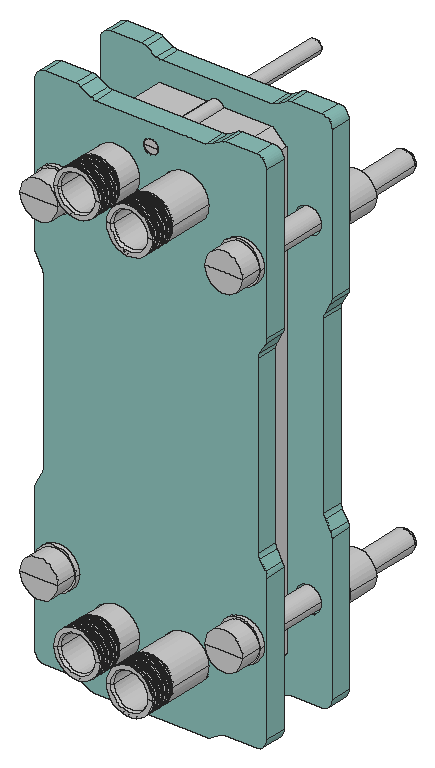
Revit family "Ekin_Endüstriyel - MIT503", category Specialty Equipment, Revit 2022
Family settings
  Round Connector Dimension = Use Diameter
  Part Type = Normal
  Work Plane-Based = No
  Always vertical = No
  Cut with Voids When Loaded = No
  Maintain Annotation Orientation = No
  Shared = No
  Room Calculation Point = No
Parameters (values of type "E12340000DD25L")
  URL = "https://en.ekinendustriyel.com/plate-heat-exchanger"
  Type Comments = "10 bar"
  Model = "E12340000DD25L"
  Material = Galvanized Steel- S235JR
  Manufacturer = "Ekin Endüstriyel"
  Keynote = "Threaded Connection"
  Description = "MIT - Heat Exchanger - 10 bar"
  Default Elevation = 0 mm
Reference planes
  plane 1 "Center (Front/Back)": y = 0
  plane 2: z = 0
  plane 3 "Center (Left/Right)": x = 0
  plane 4 "1": z = 318
  plane 5 "2": z = 73
Forms (mm)
  Extrusion 1, solid, material "Galvanized Steel - S235JR", detail levels coarse
    sketch origin (0, 0, 0) x (1, 0, 0) y (0, 0, 1)
      loop
        line (-83.75, 390) -> (-83.75, 0) -> (83.75, 0) -> (83.75, 390) -> (-83.75, 390)
    from 0 to -15
  Extrusion 2, solid, material "Galvanized Steel - S235JR", detail levels coarse
    sketch origin (0, 0, 0) x (1, 0, 0) y (0, 0, 1)
      loop
        line (-83.75, 390) -> (-83.75, 0) -> (83.75, 0) -> (83.75, 390) -> (-83.75, 390)
    from -59.05 to -74.05
  Extrusion 3, solid, material "Galvanized Steel- S235JR", detail levels coarse
    sketch origin (0, 0, 0) x (1, 0, 0) y (0, 0, 1)
      loop
        line (-83.75, 390) -> (-83.75, 0) -> (83.75, 0) -> (83.75, 390) -> (-83.75, 390)
    from -15 to -59.05
  Extrusion 4, solid, material "Galvanized Steel- S235JR", detail levels coarse
    sketch origin (0, 0, 0) x (1, 0, 0) y (0, 0, 1)
      loop
        line (-50.5, 21.5) -> (0, 21.5) -> (0, 69.784) -> (-50.5, 69.784) -> (-50.5, 21.5)
      loop
        line (-50.5, 369.5) -> (-50.5, 320.216) -> (0, 320.216) -> (0, 369.5) -> (-50.5, 369.5)
    from 0 to 36
  Extrusion 5, solid, material "Galvanized Steel- S235JR", detail levels coarse
    sketch origin (0, 0, 0) x (-1, 0, 0) y (0, 0, -1)
      loop
        line (-50.5, -21.5) -> (-50.5, -69.784) -> (0, -69.784) -> (0, -21.5) -> (-50.5, -21.5)
      loop
        line (-50.5, -369.5) -> (0, -369.5) -> (0, -320.216) -> (-50.5, -320.216) -> (-50.5, -369.5)
    from 0 to 51
  Extrusion 6, solid, material "Galvanized Steel- S235JR", detail levels medium
    sketch origin (0, 74.05, 0) x (-1, 0, 0) y (0, 0, 1)
      loop
        circle (-66.75, 318) r 8
      loop
        circle (66.75, 318) r 8
      loop
        circle (-66.75, 72) r 8
      loop
        circle (66.75, 72) r 8
    from -91.75 to 72.75
  Extrusion 7, solid, material "Galvanized Steel- S235JR", detail levels medium
    sketch origin (0, 74.05, 0) x (-1, 0, 0) y (0, 0, 1)
      loop
        circle (0, 368) r 6
      loop
        circle (0, 22.967) r 6
    from -74.05 to 76
  Extrusion 8, solid, material "Galvanized Steel - S235JR", detail levels medium
    sketch origin (0, 0, 0) x (1, 0, 0) y (0, 0, 1)
      loop
        line (-83.75, 390) -> (-83.75, 0) -> (83.75, 0) -> (83.75, 390) -> (-83.75, 390)
    from 0 to -15
  Extrusion 9, solid, material "Galvanized Steel- S235JR", detail levels medium
    sketch origin (0, 0, 0) x (1, 0, 0) y (0, 0, 1)
      loop
        line (-83.75, 390) -> (-83.75, 0) -> (83.75, 0) -> (83.75, 390) -> (-83.75, 390)
    from -59.05 to -74.05
  Extrusion 10, solid, material "Galvanized Steel- S235JR", detail levels medium
    sketch origin (0, 59.05, 0) x (1, 0, 0) y (0, 0, 1)
      loop
        line (-50.5, 359.5) -> (-50.5, 31.5) -> (-40.5, 21.5) -> (-6, 21.5) -> (-6, 23.5)
        arc (-6, 23.5) -> (0, 29.5) -> (6, 23.5) r 6
        line (6, 23.5) -> (6, 21.5) -> (40.5, 21.5) -> (50.5, 31.5) -> (50.5, 359.5) -> (40.5, 369.5) -> (6, 369.5) -> (6, 367.5)
        arc (6, 367.5) -> (0, 361.5) -> (-6, 367.5) r 6
        line (-6, 367.5) -> (-6, 369.5) -> (-40.5, 369.5) -> (-50.5, 359.5)
    from 0 to 44.05
  Extrusion 11, solid, material "Galvanized Steel- S235JR", detail levels medium
    sketch origin (0, 0, 0) x (1, 0, 0) y (0, 0, 1)
      loop
        circle (-25, 344.5) r 16.501
      loop
        circle (-25, 344.5) r 13.518
      loop
        circle (-25, 46.516) r 16.501
      loop
        circle (-25, 46.516) r 13.518
    from 0 to 35.703
  Extrusion 12, solid, material "Galvanized Steel- S235JR", detail levels medium
    sketch origin (0, 0, 0) x (-1, 0, 0) y (0, 0, -1)
      loop
        circle (-25, -344.5) r 16.501
      loop
        circle (-25, -344.5) r 13.518
      loop
        circle (-25, -46.438) r 16.501
      loop
        circle (-25, -46.438) r 13.518
    from 0 to 50.8
  Extrusion 13, solid, material "Galvanized Steel- S235JR", detail levels coarse
    sketch origin (0, 74.05, 0) x (-1, 0, 0) y (0, 0, 1)
      loop
        circle (-66.75, 318) r 8
      loop
        circle (66.75, 318) r 8
      loop
        circle (-66.75, 72) r 8
      loop
        circle (66.75, 72) r 8
    from 0 to 72.75
  Extrusion 14, solid, material "Galvanized Steel- S235JR", detail levels coarse
    sketch origin (0, 74.05, 0) x (-1, 0, 0) y (0, 0, 1)
      loop
        circle (0, 368) r 6
      loop
        circle (0, 22.967) r 6
    from 0 to 76
  Extrusion 15, void
    sketch origin (0, 74.05, 0) x (-1, 0, 0) y (0, 0, 1)
      loop
        circle (-66.75, 318) r 8.2
      loop
        circle (66.75, 318) r 8.2
      loop
        circle (-66.75, 72) r 8.2
      loop
        circle (66.75, 72) r 8.2
    from -91.75 to 72.75
  Extrusion 16, void
    sketch origin (0, 74.05, 0) x (-1, 0, 0) y (0, 0, 1)
      loop
        circle (0, 368) r 6.2
      loop
        circle (0, 22.967) r 6.2
    from -74.05 to 76
  Extrusion 17, solid, material "Galvanized Steel - S235JR", detail levels fine
    sketch origin (0, 0, 0) x (1, 0, 0) y (0, 0, 1)
      loop
        arc (-78.755, 262.24) -> (-78.006, 260.432) -> (-77.75, 258.49) r 7.5
        line (-77.75, 258.49) -> (-77.75, 132.51)
        arc (-77.75, 132.51) -> (-78.006, 130.568) -> (-78.755, 128.76) r 7.5
        line (-78.755, 128.76) -> (-82.745, 121.848)
        arc (-82.745, 121.848) -> (-83.494, 120.039) -> (-83.75, 118.098) r 7.5
        line (-83.75, 118.098) -> (-83.75, 13.5)
        arc (-83.75, 13.5) -> (-81.553, 8.197) -> (-76.25, 6) r 7.5
        line (-76.25, 6) -> (-54.152, 6)
        arc (-54.152, 6) -> (-52.211, 5.744) -> (-50.402, 4.995) r 7.5
        line (-50.402, 4.995) -> (-43.49, 1.005)
        arc (-43.49, 1.005) -> (-41.682, 0.256) -> (-39.74, 0) r 7.5
        line (-39.74, 0) -> (39.74, 0)
        arc (39.74, 0) -> (41.682, 0.256) -> (43.49, 1.005) r 7.5
        line (43.49, 1.005) -> (50.402, 4.995)
        arc (50.402, 4.995) -> (52.211, 5.744) -> (54.152, 6) r 7.5
        line (54.152, 6) -> (76.25, 6)
        arc (76.25, 6) -> (81.553, 8.197) -> (83.75, 13.5) r 7.5
        line (83.75, 13.5) -> (83.75, 118.098)
        arc (83.75, 118.098) -> (83.494, 120.039) -> (82.745, 121.848) r 7.5
        line (82.745, 121.848) -> (78.755, 128.76)
        arc (78.755, 128.76) -> (78.006, 130.568) -> (77.75, 132.51) r 7.5
        line (77.75, 132.51) -> (77.75, 258.49)
        arc (77.75, 258.49) -> (78.006, 260.432) -> (78.755, 262.24) r 7.5
        line (78.755, 262.24) -> (82.745, 269.152)
        arc (82.745, 269.152) -> (83.494, 270.961) -> (83.75, 272.902) r 7.5
        line (83.75, 272.902) -> (83.75, 382.5)
        arc (83.75, 382.5) -> (81.553, 387.803) -> (76.25, 390) r 7.5
        line (76.25, 390) -> (54.152, 390)
        arc (54.152, 390) -> (52.211, 389.744) -> (50.402, 388.995) r 7.5
        line (50.402, 388.995) -> (43.49, 385.005)
        arc (43.49, 385.005) -> (41.682, 384.256) -> (39.74, 384) r 7.5
        line (39.74, 384) -> (-39.74, 384)
        arc (-39.74, 384) -> (-41.682, 384.256) -> (-43.49, 385.005) r 7.5
        line (-43.49, 385.005) -> (-50.402, 388.995)
        arc (-50.402, 388.995) -> (-52.211, 389.744) -> (-54.152, 390) r 7.5
        line (-54.152, 390) -> (-76.25, 390)
        arc (-76.25, 390) -> (-81.553, 387.803) -> (-83.75, 382.5) r 7.5
        line (-83.75, 382.5) -> (-83.75, 272.902)
        arc (-83.75, 272.902) -> (-83.494, 270.961) -> (-82.745, 269.152) r 7.5
        line (-82.745, 269.152) -> (-78.755, 262.24)
      loop
        circle (0, 368) r 5.1
      loop
        circle (0, 23) r 5.1
      loop
        circle (-66.75, 73) r 9.5
      loop
        circle (-66.75, 318) r 9.5
      loop
        circle (66.75, 318) r 9.5
      loop
        circle (66.75, 73) r 9.5
      loop
        circle (25, 46.5) r 16.85
      loop
        circle (-25, 46.5) r 16.85
      loop
        circle (25, 344.5) r 16.85
      loop
        circle (-25, 344.5) r 16.85
    from 0 to -15
  Extrusion 18, solid, material "Galvanized Steel - S235JR", detail levels fine
    sketch origin (0, 0, 0) x (1, 0, 0) y (0, 0, 1)
      loop
        arc (-78.755, 262.24) -> (-78.006, 260.432) -> (-77.75, 258.49) r 7.5
        line (-77.75, 258.49) -> (-77.75, 132.51)
        arc (-77.75, 132.51) -> (-78.006, 130.568) -> (-78.755, 128.76) r 7.5
        line (-78.755, 128.76) -> (-82.745, 121.848)
        arc (-82.745, 121.848) -> (-83.494, 120.039) -> (-83.75, 118.098) r 7.5
        line (-83.75, 118.098) -> (-83.75, 13.5)
        arc (-83.75, 13.5) -> (-81.553, 8.197) -> (-76.25, 6) r 7.5
        line (-76.25, 6) -> (-54.152, 6)
        arc (-54.152, 6) -> (-52.211, 5.744) -> (-50.402, 4.995) r 7.5
        line (-50.402, 4.995) -> (-43.49, 1.005)
        arc (-43.49, 1.005) -> (-41.682, 0.256) -> (-39.74, 0) r 7.5
        line (-39.74, 0) -> (39.74, 0)
        arc (39.74, 0) -> (41.682, 0.256) -> (43.49, 1.005) r 7.5
        line (43.49, 1.005) -> (50.402, 4.995)
        arc (50.402, 4.995) -> (52.211, 5.744) -> (54.152, 6) r 7.5
        line (54.152, 6) -> (76.25, 6)
        arc (76.25, 6) -> (81.553, 8.197) -> (83.75, 13.5) r 7.5
        line (83.75, 13.5) -> (83.75, 118.098)
        arc (83.75, 118.098) -> (83.494, 120.039) -> (82.745, 121.848) r 7.5
        line (82.745, 121.848) -> (78.755, 128.76)
        arc (78.755, 128.76) -> (78.006, 130.568) -> (77.75, 132.51) r 7.5
        line (77.75, 132.51) -> (77.75, 258.49)
        arc (77.75, 258.49) -> (78.006, 260.432) -> (78.755, 262.24) r 7.5
        line (78.755, 262.24) -> (82.745, 269.152)
        arc (82.745, 269.152) -> (83.494, 270.961) -> (83.75, 272.902) r 7.5
        line (83.75, 272.902) -> (83.75, 382.5)
        arc (83.75, 382.5) -> (81.553, 387.803) -> (76.25, 390) r 7.5
        line (76.25, 390) -> (54.152, 390)
        arc (54.152, 390) -> (52.211, 389.744) -> (50.402, 388.995) r 7.5
        line (50.402, 388.995) -> (43.49, 385.005)
        arc (43.49, 385.005) -> (41.682, 384.256) -> (39.74, 384) r 7.5
        line (39.74, 384) -> (-39.74, 384)
        arc (-39.74, 384) -> (-41.682, 384.256) -> (-43.49, 385.005) r 7.5
        line (-43.49, 385.005) -> (-50.402, 388.995)
        arc (-50.402, 388.995) -> (-52.211, 389.744) -> (-54.152, 390) r 7.5
        line (-54.152, 390) -> (-76.25, 390)
        arc (-76.25, 390) -> (-81.553, 387.803) -> (-83.75, 382.5) r 7.5
        line (-83.75, 382.5) -> (-83.75, 272.902)
        arc (-83.75, 272.902) -> (-83.494, 270.961) -> (-82.745, 269.152) r 7.5
        line (-82.745, 269.152) -> (-78.755, 262.24)
      loop
        circle (0, 368) r 5.1
      loop
        circle (0, 23) r 5.1
      loop
        circle (-66.75, 73) r 9.5
      loop
        circle (-66.75, 318) r 9.5
      loop
        circle (66.75, 318) r 9.5
      loop
        circle (66.75, 73) r 9.5
    from -74.05 to -59.05
  Extrusion 19, solid, material "Galvanized Steel- S235JR", detail levels fine
    sketch origin (0, 0, 0) x (1, 0, 0) y (0, 0, 1)
      loop
        circle (25, 46.5) r 16.85
      loop
        circle (-25, 46.5) r 16.85
      loop
        circle (25, 344.5) r 16.85
      loop
        circle (-25, 344.5) r 16.85
      loop
        line (-40.5, 369.5) -> (-50.5, 359.5) -> (-50.5, 31.5) -> (-40.5, 21.5) -> (-6, 21.5) -> (-6, 23.5)
        arc (-6, 23.5) -> (0, 29.5) -> (6, 23.5) r 6
        line (6, 23.5) -> (6, 21.5) -> (40.5, 21.5) -> (50.5, 31.5) -> (50.5, 359.5) -> (40.5, 369.5) -> (6, 369.5) -> (6, 367.5)
        arc (6, 367.5) -> (0, 361.5) -> (-6, 367.5) r 6
        line (-6, 367.5) -> (-6, 369.5) -> (-40.5, 369.5)
    from -59.05 to -15
  Revolve 20, solid, material "Galvanized Steel- S235JR", detail levels fine
    sketch origin (0, 0, 318) x (-1, 0, 0) y (0, -1, 0)
      loop
        line (74.75, -144.8) -> (74.75, -102.75) -> (80.615, -102.75) -> (80.615, -77.25) -> (81.75, -77.25) -> (81.75, -74.05) -> (74.75, -74.05) -> (74.75, 0) -> (81.75, 0) -> (81.75, 3.2) -> (80.381, 3.2) -> (80.381, 17.7) -> (66.75, 17.7) -> (66.75, -146.8) -> (73.595, -146.8) -> (74.75, -144.8)
      axis (66.75, -146.8) -> (66.75, 17.7)
    angle from 0 to 360
  Revolve 21, solid, material "Galvanized Steel- S235JR", detail levels fine
    sketch origin (0, 0, 318) x (1, 0, 0) y (0, 1, 0)
      loop
        line (74.75, 144.8) -> (73.595, 146.8) -> (66.75, 146.8) -> (66.75, -17.7) -> (80.381, -17.7) -> (80.381, -3.2) -> (81.75, -3.2) -> (81.75, 0) -> (74.75, 0) -> (74.75, 74.05) -> (81.75, 74.05) -> (81.75, 77.25) -> (80.615, 77.25) -> (80.615, 102.75) -> (74.75, 102.75) -> (74.75, 144.8)
      axis (66.75, 146.8) -> (66.75, -17.7)
    angle from 0 to 360
  Revolve 22, solid, material "Galvanized Steel- S235JR", detail levels fine
    sketch origin (0, 0, 73) x (0, 1, 0) y (-1, 0, 0)
      loop
        line (144.8, 74.75) -> (102.75, 74.75) -> (102.75, 80.615) -> (77.25, 80.615) -> (77.25, 81.75) -> (74.05, 81.75) -> (74.05, 74.75) -> (0, 74.75) -> (0, 81.75) -> (-3.2, 81.75) -> (-3.2, 80.381) -> (-17.7, 80.381) -> (-17.7, 66.75) -> (146.8, 66.75) -> (146.8, 73.595) -> (144.8, 74.75)
      axis (146.8, 66.75) -> (-17.7, 66.75)
    angle from 0 to 360
  Revolve 23, solid, material "Galvanized Steel- S235JR", detail levels fine
    sketch origin (0, 0, 73) x (0, -1, 0) y (1, 0, 0)
      loop
        line (-144.8, 74.75) -> (-146.8, 73.595) -> (-146.8, 66.75) -> (17.7, 66.75) -> (17.7, 80.381) -> (3.2, 80.381) -> (3.2, 81.75) -> (0, 81.75) -> (0, 74.75) -> (-74.05, 74.75) -> (-74.05, 81.75) -> (-77.25, 81.75) -> (-77.25, 80.615) -> (-102.75, 80.615) -> (-102.75, 74.75) -> (-144.8, 74.75)
      axis (-146.8, 66.75) -> (17.7, 66.75)
    angle from 0 to 360
  Revolve 24, solid, material "Galvanized Steel- S235JR", detail levels fine
    sketch origin (0, 0, 368) x (-1, 0, 0) y (0, -1, 0)
      loop
        line (5.102, -147.489) -> (5.102, 0) -> (0, 0) -> (0, -150.05)
        arc (0, -150.05) -> (2.895, -149.456) -> (5.102, -147.489) r 5.686
      axis (0, -150.05) -> (0, 0)
    angle from 0 to 360
  Revolve 25, solid, material "Galvanized Steel- S235JR", detail levels fine
    sketch origin (0, 0, 23) x (0, 1, 0) y (-1, 0, 0)
      loop
        line (147.489, 5.102) -> (0, 5.102) -> (0, 0) -> (150.05, 0)
        arc (150.05, 0) -> (149.456, 2.895) -> (147.489, 5.102) r 5.686
      axis (150.05, 0) -> (0, 0)
    angle from 0 to 360
  Revolve 26, solid, material "Galvanized Steel- S235JR", detail levels fine
    sketch origin (0, 0, 344.498) x (-1, 0, 0) y (0, -1, 0)
      loop
        line (36, -59.05) -> (40.5, -59.05) -> (40.5, -15) -> (41.461, -15) -> (41.461, 17.11) -> (40.871, 17.623) -> (41.461, 18.136) -> (40.871, 18.649) -> (41.461, 19.162) -> (40.871, 19.674) -> (41.461, 20.187) -> (40.871, 20.7) -> (41.461, 21.213) -> (40.871, 21.726) -> (41.461, 22.239) -> (40.871, 22.752) -> (41.461, 23.265) -> (40.871, 23.778) -> (41.461, 24.291) -> (40.871, 24.804) -> (41.461, 25.316) -> (40.871, 25.829) -> (41.461, 26.342) -> (40.871, 26.855) -> (41.461, 27.368) -> (40.871, 27.881) -> (41.461, 28.394) -> (40.871, 28.907) -> (41.461, 29.42) -> (40.871, 29.933) -> (41.461, 30.445) -> (40.871, 30.958) -> (41.461, 31.471) -> (40.871, 31.984) -> (41.461, 32.497) -> (40.871, 33.01) -> (41.461, 33.523) -> (40.871, 34.036) -> (41.461, 34.549) -> (40.871, 35.062) -> (41.461, 35.716) -> (38.504, 35.716) -> (37.636, 33.67) -> (37.636, -15) -> (36, -15) -> (36, -59.05)
      axis (25, -59.05) -> (25, 35.716)
    angle from 0 to 360
  Revolve 27, solid, material "Galvanized Steel- S235JR", detail levels fine
    sketch origin (0, 0, 46.502) x (0, 1, 0) y (-1, 0, 0)
      loop
        line (59.05, 36) -> (59.05, 40.5) -> (15, 40.5) -> (15, 41.461) -> (-17.11, 41.461) -> (-17.623, 40.871) -> (-18.136, 41.461) -> (-18.649, 40.871) -> (-19.162, 41.461) -> (-19.674, 40.871) -> (-20.187, 41.461) -> (-20.7, 40.871) -> (-21.213, 41.461) -> (-21.726, 40.871) -> (-22.239, 41.461) -> (-22.752, 40.871) -> (-23.265, 41.461) -> (-23.778, 40.871) -> (-24.291, 41.461) -> (-24.804, 40.871) -> (-25.316, 41.461) -> (-25.829, 40.871) -> (-26.342, 41.461) -> (-26.855, 40.871) -> (-27.368, 41.461) -> (-27.881, 40.871) -> (-28.394, 41.461) -> (-28.907, 40.871) -> (-29.42, 41.461) -> (-29.933, 40.871) -> (-30.445, 41.461) -> (-30.958, 40.871) -> (-31.471, 41.461) -> (-31.984, 40.871) -> (-32.497, 41.461) -> (-33.01, 40.871) -> (-33.523, 41.461) -> (-34.036, 40.871) -> (-34.549, 41.461) -> (-35.062, 40.871) -> (-35.716, 41.461) -> (-35.716, 38.504) -> (-33.67, 37.636) -> (15, 37.636) -> (15, 36) -> (59.05, 36)
      axis (59.05, 25) -> (-35.716, 25)
    angle from 0 to 360
  Revolve 28, solid, material "Galvanized Steel- S235JR", detail levels fine
    sketch origin (0, 0, 344.498) x (1, 0, 0) y (0, 1, 0)
      loop
        line (36, 59.05) -> (36, 15) -> (37.636, 15) -> (37.636, -48.654) -> (38.504, -50.7) -> (41.461, -50.7) -> (40.871, -50.046) -> (41.461, -49.533) -> (40.871, -49.02) -> (41.461, -48.507) -> (40.871, -47.994) -> (41.461, -47.481) -> (40.871, -46.969) -> (41.461, -46.456) -> (40.871, -45.943) -> (41.461, -45.43) -> (40.871, -44.917) -> (41.461, -44.404) -> (40.871, -43.891) -> (41.461, -43.378) -> (40.871, -42.865) -> (41.461, -42.352) -> (40.871, -41.84) -> (41.461, -41.327) -> (40.871, -40.814) -> (41.461, -40.301) -> (40.871, -39.788) -> (41.461, -39.275) -> (40.871, -38.762) -> (41.461, -38.249) -> (40.871, -37.736) -> (41.461, -37.223) -> (40.871, -36.711) -> (41.461, -36.198) -> (40.871, -35.685) -> (41.461, -35.172) -> (40.871, -34.659) -> (41.461, -34.146) -> (40.871, -33.633) -> (41.461, -33.12) -> (40.871, -32.607) -> (41.461, -32.094) -> (41.461, 15) -> (40.5, 15) -> (40.5, 59.05) -> (36, 59.05)
      axis (25, 59.05) -> (25, -50.7)
    angle from 0 to 360
  Revolve 29, solid, material "Galvanized Steel- S235JR", detail levels fine
    sketch origin (0, 0, 46.502) x (0, -1, 0) y (1, 0, 0)
      loop
        line (-59.05, 36) -> (-15, 36) -> (-15, 37.636) -> (48.654, 37.636) -> (50.7, 38.504) -> (50.7, 41.461) -> (50.046, 40.871) -> (49.533, 41.461) -> (49.02, 40.871) -> (48.507, 41.461) -> (47.994, 40.871) -> (47.481, 41.461) -> (46.969, 40.871) -> (46.456, 41.461) -> (45.943, 40.871) -> (45.43, 41.461) -> (44.917, 40.871) -> (44.404, 41.461) -> (43.891, 40.871) -> (43.378, 41.461) -> (42.865, 40.871) -> (42.352, 41.461) -> (41.84, 40.871) -> (41.327, 41.461) -> (40.814, 40.871) -> (40.301, 41.461) -> (39.788, 40.871) -> (39.275, 41.461) -> (38.762, 40.871) -> (38.249, 41.461) -> (37.736, 40.871) -> (37.223, 41.461) -> (36.711, 40.871) -> (36.198, 41.461) -> (35.685, 40.871) -> (35.172, 41.461) -> (34.659, 40.871) -> (34.146, 41.461) -> (33.633, 40.871) -> (33.12, 41.461) -> (32.607, 40.871) -> (32.094, 41.461) -> (-15, 41.461) -> (-15, 40.5) -> (-59.05, 40.5) -> (-59.05, 36)
      axis (-59.05, 25) -> (50.7, 25)
    angle from 0 to 360
Cuts and joins
  joined: Extrusion 4, Extrusion 5
  Extrusion 15, Extrusion 16 cuts Extrusion 9
  Extrusion 15, Extrusion 16 cuts Extrusion 8
Dimensions and locks
  aligned and locked: level to plane 2
Connectors
  piping at (-25, -35.703, 344.5), diameter 25.4
    settings: on Extrusion 11, index 1, connector inside diameter 609.6 mm, connector length 0 mm, flow factor 0, pipe flow 0.0 L/s, pressure drop 0.0 Pa, fitting loss kfactor 0, connector angle 0.00°, fixture units 0, engagement length 0 mm, angle of deflection 0.00°, flow configuration 0, flow direction 1, fitting loss method 0, system type 7, joint type 0, gender type 0, connector reference index -1, connector utility 0, adjustable connector no, is connector primary yes, connector description ""
  piping at (-25, -35.703, 46.516), diameter 25.4
    settings: on Extrusion 11, index 2, connector inside diameter 609.6 mm, connector length 0 mm, flow factor 0, pipe flow 0.0 L/s, pressure drop 0.0 Pa, fitting loss kfactor 0, connector angle 0.00°, fixture units 0, engagement length 0 mm, angle of deflection 0.00°, flow configuration 0, flow direction 2, fitting loss method 0, system type 7, joint type 0, gender type 0, connector reference index -1, connector utility 0, adjustable connector no, is connector primary no, connector description ""
  piping at (25, -50.8, 344.5), diameter 25.4
    settings: on Extrusion 12, index 3, connector inside diameter 609.6 mm, connector length 0 mm, flow factor 0, pipe flow 0.0 L/s, pressure drop 0.0 Pa, fitting loss kfactor 0, connector angle 0.00°, fixture units 0, engagement length 0 mm, angle of deflection 0.00°, flow configuration 0, flow direction 2, fitting loss method 0, system type 7, joint type 0, gender type 0, connector reference index -1, connector utility 0, adjustable connector no, is connector primary no, connector description ""
  piping at (25, -50.8, 46.438), diameter 25.4
    settings: on Extrusion 12, index 4, connector inside diameter 609.6 mm, connector length 0 mm, flow factor 0, pipe flow 0.0 L/s, pressure drop 0.0 Pa, fitting loss kfactor 0, connector angle 0.00°, fixture units 0, engagement length 0 mm, angle of deflection 0.00°, flow configuration 0, flow direction 1, fitting loss method 0, system type 7, joint type 0, gender type 0, connector reference index -1, connector utility 0, adjustable connector no, is connector primary no, connector description ""
